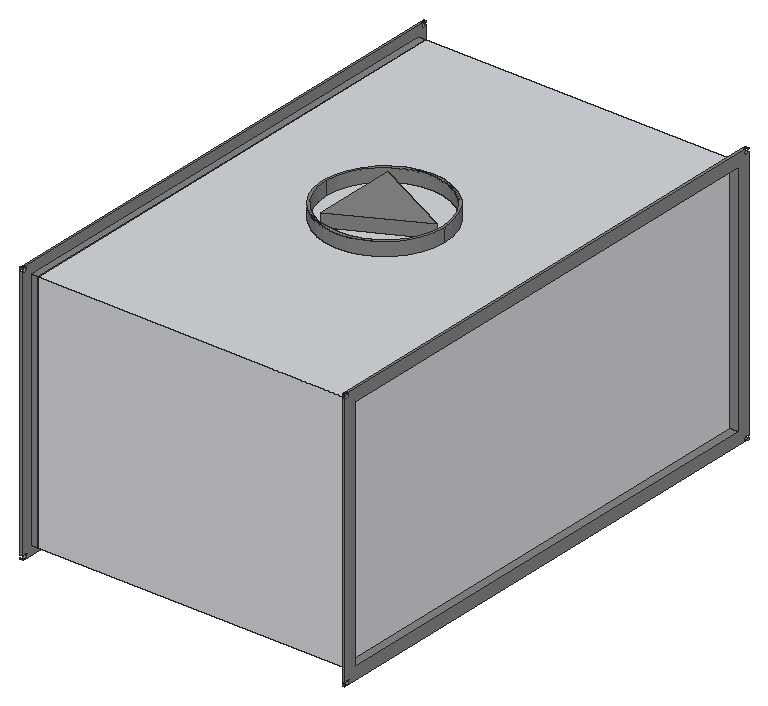
Revit family "2.Радиальный вентилятор с назад загнутыми лопатками WNP", category Оборудование, Revit 2016
Family settings
  Тип детали = Нормальный
  Размер круглого соединителя = Использовать диаметр
  На основе рабочей плоскости = Нет
  Всегда вертикально = Да
  При загрузке вырезать с полостями = Нет
  Общий = Нет
  Точка расчета площади = Нет
Parameters (values of type "100-50/40")
  ножки(да/нет) [instance] = no
  значок [instance] = yes
  Ширина = Д - 40 mm  # 1020 mm
  Частотный преобразователь [instance] = no
  Частота вращения n, об/мин = "2880"
  Тип, марка, обозначение = "WNP 100-50/40.2D"
  Сила тока J, А = "10.53"
  Регулятор расхода [instance] = no
  Размер В = 1030 mm
  Раздел = "ОВ"
  Примечание = ""
  Позиция = ""
  Напряжение U,В = "3х400/3х690"
  Наименование и тех.хар-ка = "Радиальный вентилятор с назад загнутыми лопатками"  # constant formula
  Мощность двигателя N,Вт = "5500"
  Материал = Сталь серая
  Масса единицы = "85.5 кг"
  Макс. расход воздуха м3/ч = ""
  Макс. полное давление, Па = ""
  М = 11 mm
  Код, оборудования = ""
  Ключевая пометка = "Вентиляция"
  И1 = И - 40 mm  # 630 mm
  И = 670 mm
  Задание электрикам [instance] = no
  Задание автоматчикам [instance] = no
  Завод изготовитель = "KORF"  # constant formula
  Ж = 553 mm
  Единица измерения = "шт."  # constant formula
  Е = 560 mm
  Д = 1060 mm
  Г = 530 mm
  Высота = Ж - 43 mm  # 510 mm
  Б = 500 mm
  А = 1000 mm
Types (19, lengths in mm): name | Ширина | Частота вращения n, об/мин | Тип, марка, обозначение | Сила тока J, А | Размер В | Напряжение U,В | Мощность двигателя N,Вт | Масса единицы | М | И1 | И | Ж | Е | Д | Г | Высота | Б | А
  40-20/18 | 400 | "2710" | "WNP 40-20/18.2D" | "0.7" | 420 | "3х230/3х400" | "250" | "14.5 кг" | 9 | 318 | 358 | 243 | 240 | 440 | 220 | 200 | 200 | 400
  50-25/20 | 500 | "2710" | "WNP 50-25/20.2D" | "0.7" | 520 | "3х230/3х400" | "250" | "18 кг" | 9 | 376 | 416 | 293 | 290 | 540 | 270 | 250 | 250 | 500
  50-25/22 | 500 | "2760" | "WNP 50-25/22.2D" | "1.42" | 520 | "3х230/3х400" | "550" | "19.5 кг" | 9 | 376 | 416 | 293 | 290 | 540 | 270 | 250 | 250 | 500
  50-30/22 | 500 | "2760" | "WNP 50-30/22.2D" | "1.42" | 520 | "3х230/3х400" | "550" | "25.5 кг" | 9 | 418 | 458 | 343 | 340 | 540 | 320 | 300 | 300 | 500
  50-30/25 | 500 | "2730" | "WNP 50-30/25.2D" | "1.83" | 520 | "3х230/3х400" | "750" | "27.7 кг" | 9 | 418 | 458 | 343 | 340 | 540 | 320 | 300 | 300 | 500
  60-30/25 | 600 | "2730" | "WNP 60-30/25.2D" | "1.83" | 620 | "3х230/3х400" | "750" | "31 кг" | 9 | 458 | 498 | 343 | 340 | 640 | 320 | 300 | 300 | 600
  60-30/28 | 600 | "2770" | "WNP 60-30/28.2D" | "2.51" | 620 | "3х230/3х400" | "1100" | "37 кг" | 9 | 458 | 498 | 343 | 340 | 640 | 320 | 300 | 300 | 600
  60-35/28 | 600 | "2770" | "WNP 60-35/28.2D" | "2.51" | 620 | "3х230/3х400" | "1100" | "39 кг" | 9 | 458 | 498 | 393 | 390 | 640 | 370 | 350 | 350 | 600
  60-35/31 | 600 | "2800" | "WNP 60-35/31.2D" | "3,32" | 620 | "3х230/3х400" | "1500" | "39,5 кг" | 9 | 458 | 498 | 393 | 390 | 640 | 370 | 350 | 350 | 600
  70-40/31M | 700 | "2800" | "WNP 70-40/31.2DM" | "3,32" | 720 | "3х230/3х400" | "1500" | "47 кг" | 9 | 528 | 568 | 443 | 440 | 740 | 420 | 400 | 400 | 700
  70-40/31 | 700 | "2840" | "WNP 70-40/31.2D" | "4.61" | 720 | "3х230/3х400" | "2200" | "51 кг" | 9 | 528 | 568 | 443 | 440 | 740 | 420 | 400 | 400 | 700
  70-40/35 | 700 | "2840" | "WNP 70-40/35.2D" | "6.1" | 720 | "3х230/3х400" | "3000" | "52.5 кг" | 9 | 528 | 568 | 443 | 440 | 740 | 420 | 400 | 400 | 700
  80-50/35 | 800 | "2840" | "WNP 80-50/35.2D" | "6.1" | 820 | "3х230/3х400" | "3000" | "60.5 кг" | 9 | 595 | 635 | 543 | 540 | 840 | 520 | 500 | 500 | 800
  80-50/40 | 800 | "1420" | "WNP 80-50/40.4D" | "6.47" | 820 | "3х230/3х400" | "3000" | "70 кг" | 9 | 595 | 635 | 543 | 540 | 840 | 520 | 500 | 500 | 800
  90-50/35 | 920 | "2840" | "WNP 90-50/35.2D" | "6.1" | 930 | "3х230/3х400" | "3000" | "65.5 кг" | 11 | 610 | 650 | 553 | 560 | 960 | 530 | 510 | 500 | 900
  90-50/40 | 920 | "2880" | "WNP 90-50/40.2D" | "10.53" | 930 | "3х400/3х690" | "5500" | "75 кг" | 11 | 610 | 650 | 553 | 560 | 960 | 530 | 510 | 500 | 900
  90-50/40 4D | 920 | "1420" | "WNP 90-50/40.4D" | "6.47" | 930 | "3х230/3х400" | "3000" | "78 кг" | 11 | 610 | 650 | 553 | 560 | 960 | 530 | 510 | 500 | 900
  100-50/40 | 1020 | "2880" | "WNP 100-50/40.2D" | "10.53" | 1030 | "3х400/3х690" | "5500" | "85.5 кг" | 11 | 630 | 670 | 553 | 560 | 1060 | 530 | 510 | 500 | 1000
  100-50/45 | 1020 | "1430" | "WNP 100-50/45.4D" | "8.26" | 1030 | "3х400/3х690" | "4000" | "87 кг" | 11 | 630 | 670 | 553 | 560 | 1060 | 530 | 510 | 500 | 1000
Reference planes
  plane 1 "По центру (Вперед/Назад)": y = 0
  plane 2: z = 0
  plane 3 "По центру (Влево/Вправо)": x = 0
  plane 4: x = -315
  plane 5: x = 315
  plane 6: y = -500
  plane 7: y = 500
  plane 8: z = 250
  plane 9: z = -250
  plane 10: z = 276.5
  plane 11: z = -276.5
  plane 12: x = -335
  plane 13: x = 335
  plane 14: y = -530
  plane 15: y = 530
  plane 16: z = 265
  plane 17: z = -265
  plane 18: y = -515
  plane 19: y = 515
Forms (mm)
  Extrusion 1, void, not visible
    sketch origin (-345, -245, 50) x (0, -1, 0) y (0, 0, -1)
      loop
        line (-477.965, -475) -> (-477.965, -450) -> (-528.913, -450) -> (-528.913, -475) -> (-477.965, -475)
    from -47.452 to 12
  Extrusion 2, solid, detail levels fine
    sketch origin (0, 0, -25) x (1, 0, 0) y (0, 1, 0)
      loop
        line (-315, 500) -> (-315, -500) -> (315, -500) -> (315, 500) -> (-315, 500)
    from -225 to 275
  Sweep 3, solid, material "Сталь серая" <- "Материал", detail levels fine
    path in 3D
      loop
        line (-315, -500, 250) -> (-315, -500, -250) -> (-315, 500, -250) -> (-315, 500, 250) -> (-315, -500, 250)
    profile "Профиль уголок 5х5 : Профиль уголок 5х5" origin (-315, 0, 250) x (1, 0, 0) y (0, 0, 1)
      loop
        line (0, 0) -> (-15, 0) -> (-15, 20) -> (-20, 20) -> (-20, 0) -> (-20, -5) -> (0, -5) -> (0, 0)
  Sweep 4, solid, material "Сталь серая" <- "Материал", detail levels fine
    path in 3D
      loop
        line (315, 500, 250) -> (315, 500, -250) -> (315, -500, -250) -> (315, -500, 250) -> (315, 500, 250)
    profile "Профиль уголок 5х5 : Профиль уголок 5х5" origin (315, 0, 250) x (-1, 0, 0) y (0, 0, 1)
      loop
        line (0, 0) -> (-15, 0) -> (-15, 20) -> (-20, 20) -> (-20, 0) -> (-20, -5) -> (0, -5) -> (0, 0)
  Extrusion 5, void
    sketch origin (0, 0, 0) x (0, 1, 0) y (0, 0, 1)
      loop
        circle (-515, 265) r 5.5
      loop
        circle (-515, -265) r 5.5
      loop
        circle (515, -265) r 5.5
      loop
        circle (515, 265) r 5.5
    from -335 to 335
  Extrusion 6, solid, material "Сталь серая" <- "Материал", visible <- "значок", detail levels fine
    sketch origin (0, 0, 0) x (1, 0, 0) y (0, 1, 0)
      loop
        circle (0, 0) r 125
      loop
        circle (0, 0) r 120
      loop
        line (107.672, 0.004) -> (-61.619, 86.262) -> (-61.619, 0) -> (-61.619, -86.262) -> (107.672, 0.004)
    from 0 to 276.5
  Extrusion 7, solid, not visible
    sketch origin (0, 0, 0) x (1, 0, 0) y (0, 1, 0)
      loop
        circle (0, 0) r 125
      loop
        circle (0, 0) r 120
      loop
        line (107.672, 0.004) -> (-61.619, 86.262) -> (-61.619, 0) -> (-61.619, -86.262) -> (107.672, 0.004)
    from 0 to 110
Cuts and joins
  Extrusion 5 cuts Sweep 3
  Extrusion 5 cuts Sweep 4
Lines and regions (mm)
  sketch lines
    curve 1: line (-315, 500, 250) -> (-315, -500, 250)
    curve 2: line (-315, -500, -250) -> (-315, 500, -250)
    curve 3: line (-315, -500, 250) -> (-315, -500, -250)
    curve 4: line (-315, 500, 250) -> (-315, 500, -250)
    curve 5: line (315, -500, 250) -> (315, 500, 250)
    curve 6: line (315, -500, 250) -> (315, -500, -250)
    curve 7: line (315, 500, -250) -> (315, -500, -250)
    curve 8: line (315, 500, 250) -> (315, 500, -250)
  model lines, detail levels coarse
    curve 9: line (-335, 520, 0) -> (335, 520, 0)
    curve 10: line (-335, -520, 0) -> (-335, 520, 0)
    curve 11: line (335, -520, 0) -> (-335, -520, 0)
    curve 12: line (335, 520, 0) -> (335, -520, 0)
    curve 13: circle (0, 0, 0) r 135 normal (0, 0, 1)
    curve 14: line (135, 0, 0) -> (-83.114, 106.381, 0)
    curve 15: line (-83.114, 106.381, 0) -> (-83.114, -106.381, 0)
    curve 16: line (-83.114, -106.381, 0) -> (135, 0, 0)
  model lines, not visible, detail levels coarse
    curve 17: circle (0, 0, 0) r 135 normal (0, 0, 1)
    curve 18: line (135, 0, 0) -> (-83.114, 106.381, 0)
    curve 19: line (-83.114, 106.381, 0) -> (-83.114, -106.381, 0)
    curve 20: line (-83.114, -106.381, 0) -> (135, 0, 0)
  model lines, detail levels medium
    curve 21: line (-335, 0, 276.5) -> (335, 0, 276.5)
    curve 22: line (-335, 0, -276.5) -> (-335, 0, 276.5)
    curve 23: line (335, 0, -276.5) -> (-335, 0, -276.5)
    curve 24: line (335, 0, 276.5) -> (335, 0, -276.5)
    curve 25: circle (0, 0, 0) r 100 normal (0, -1, 0)
    curve 26: line (100, 0, 0) -> (-66.913, 0, 74.314)
    curve 27: line (-66.913, 0, 74.314) -> (-66.913, 0, 0)
    curve 28: line (-66.913, 0, -74.314) -> (-66.913, 0, 0)
    curve 29: line (100, 0, 0) -> (-66.913, 0, -74.314)
  model lines, not visible, detail levels medium
    curve 30: circle (0, 0, 0) r 100 normal (0, -1, 0)
    curve 31: line (100, 0, 0) -> (-66.913, 0, 74.314)
    curve 32: line (-66.913, 0, 74.314) -> (-66.913, 0, 0)
    curve 33: line (-66.913, 0, -74.314) -> (-66.913, 0, 0)
    curve 34: line (100, 0, 0) -> (-66.913, 0, -74.314)
Dimensions and locks
  equal spacing: plane 6, plane 1 "По центру (Вперед/Назад)", plane 7
  "А": plane 7 to plane 6
  equal spacing: plane 4, plane 3 "По центру (Влево/Вправо)", plane 5
  "И1": plane 4 to plane 5
  equal spacing: plane 8, level, plane 9
  "Б": plane 8 to plane 9
  equal spacing: plane 10, level, plane 11
  "Ж": plane 10 to plane 11
  equal spacing: plane 12, plane 3 "По центру (Влево/Вправо)", plane 13
  "И": plane 12 to plane 13
  equal spacing: plane 15, plane 1 "По центру (Вперед/Назад)", plane 14
  "Д": plane 15 to plane 14
  equal spacing: plane 18, plane 1 "По центру (Вперед/Назад)", plane 19
  "Размер В": plane 18 to plane 19
  equal spacing: plane 16, level, plane 17
  "Г": plane 16 to plane 17
  "М": diameter of Extrusion 5 sketch curve  (x4)
  aligned and locked: level to plane 2
  aligned and locked: plane 7 to Extrusion 2
  aligned and locked: plane 5 to Extrusion 2
  aligned and locked: plane 6 to Extrusion 2
  aligned and locked: Extrusion 2 to plane 4
  aligned and locked: plane 8 to Extrusion 2
  aligned and locked: Extrusion 2 to plane 9
  aligned and locked: Extrusion 5 to plane 13
  aligned and locked: Extrusion 5 to plane 12
  aligned and locked: plane 10 to Extrusion 6
  aligned and locked: curve 9 to cut or joined group of Sweep 3, Extrusion 5
  aligned and locked: curve 10 to cut or joined group of Sweep 3, Extrusion 5
  aligned and locked: curve 11 to cut or joined group of Sweep 4, Extrusion 5
  aligned and locked: curve 12 to cut or joined group of Sweep 4, Extrusion 5
  aligned and locked: curve 21 to plane 10
  aligned and locked: plane 12 to curve 22
  aligned and locked: curve 23 to plane 11
  aligned and locked: curve 24 to plane 13
Automatic sketch dimensions
  Extrusion 6 sketch curve to Extrusion 6 sketch curve = 0 mm  (x5)
  Extrusion 6 sketch curve to Extrusion 6 sketch curve = 61.619 mm
  Extrusion 6 sketch curve to Extrusion 6 sketch curve = 107.672 mm
  Extrusion 6 sketch curve to Extrusion 6 sketch curve = 86.262 mm  (x2)
  Extrusion 6 sketch curve to Extrusion 6 sketch curve = 0.004 mm
  Extrusion 7 sketch curve to Extrusion 7 sketch curve = 0 mm  (x5)
  Extrusion 7 sketch curve to Extrusion 7 sketch curve = 61.619 mm
  Extrusion 7 sketch curve to Extrusion 7 sketch curve = 107.672 mm
  Extrusion 7 sketch curve to Extrusion 7 sketch curve = 86.262 mm  (x2)
  Extrusion 7 sketch curve to Extrusion 7 sketch curve = 0.004 mm
  plane 1 "По центру (Вперед/Назад)" to Extrusion 6 sketch curve = 0 mm
  Extrusion 6 sketch curve to plane 3 "По центру (Влево/Вправо)" = 0 mm
  Extrusion 2 sketch curve to plane 4 = 0 mm
  Extrusion 2 sketch curve to plane 5 = 0 mm
  plane 6 to Extrusion 2 sketch curve = 0 mm
  Extrusion 2 sketch curve to plane 7 = 0 mm
  plane 17 to Extrusion 5 sketch curve = 0 mm  (x2)
  Extrusion 5 sketch curve to plane 18 = 0 mm  (x2)
  Extrusion 5 sketch curve to plane 16 = 0 mm  (x2)
  Extrusion 5 sketch curve to plane 19 = 0 mm  (x2)
  radius of Extrusion 6 sketch curve = 125 mm
  radius of Extrusion 6 sketch curve = 120 mm
  radius of Extrusion 7 sketch curve = 125 mm
  radius of Extrusion 7 sketch curve = 120 mm
Nested families
  nested 1: "крепление 15мм" at (-330, 229.965, 495), type "крепление 15мм", not visible
Connectors
  hvac at (-335, 0, 0), driven by "Высота", driven by "Ширина"
    settings: on cut or joined group of Sweep 3, Extrusion 5, index 1, duct flow 0.0 L/s, flow factor 0, pres drop 0.0 Pa, loss coef 0, conn angle 0.00°, conn width 1020 mm, conn height 510 mm, conn diameter 609.6 mm, duct sys type 28, conn prof type 1, flow config 0, flow direction 0, loss method 0, conn ref index 2, conn util no, is conn primary yes, conn desc ""
  hvac at (330, 0, 0), driven by "Высота", driven by "Ширина"
    settings: on cut or joined group of Sweep 4, Extrusion 5, index 2, duct flow 0.0 L/s, flow factor 0, pres drop 0.0 Pa, loss coef 0, conn angle 0.00°, conn width 1020 mm, conn height 510 mm, conn diameter 609.6 mm, duct sys type 28, conn prof type 1, flow config 0, flow direction 0, loss method 0, conn ref index 1, conn util no, is conn primary no, conn desc ""
Definition of nested family "крепление 15мм"
  Parameters (values of type "крепление 15мм")
    Материал крепления = none
  Reference planes
    plane 1 "По центру (Вперед/Назад)": y = 0
    plane 2: z = 0
    plane 3 "По центру (Влево/Вправо)": x = 0
  Forms (mm)
    Extrusion 1, solid, material <- "Материал крепления"
      sketch origin (0, 0, 0) x (1, 0, 0) y (0, 1, 0)
        loop
          line (-25, 0) -> (0, 0) -> (0, 18.31) -> (0, 25) -> (-3, 25) -> (-3, 3) -> (-25, 3) -> (-25, 0)
      from 0 to 30
    Extrusion 2, void
      sketch origin (0, 0, 0) x (1, 0, 0) y (0, 1, 0)
        loop
          line (-3, 3) -> (-3, 54.96) -> (-58, 54.96) -> (-58, 3) -> (-3, 3)
      from 0 to 15
  Cuts and joins
    Extrusion 2 cuts Extrusion 1
  Dimensions and locks
    Extrusion 1 sketch curve to Extrusion 1 sketch curve = 3 mm  (x2)
    Extrusion 1 sketch curve to Extrusion 1 sketch curve to plane 3 "По центру (Влево/Вправо)" = 25 mm, 0 mm
    Extrusion 1 sketch curve to Extrusion 1 sketch curve = 25 mm
    aligned and locked: level to plane 2
